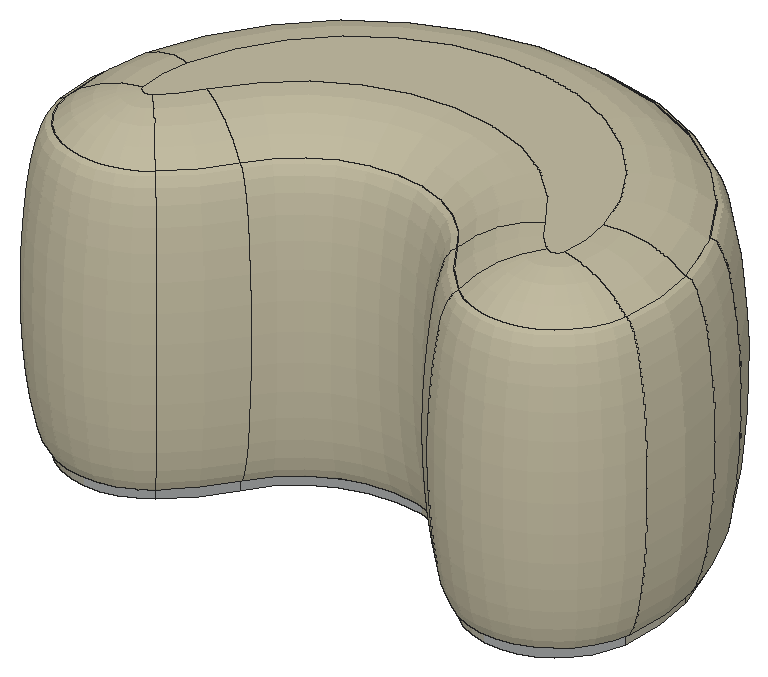
Revit family
Parameters
  URL = "http://www.martinbrattrud.com"
  SCS Certified Product = "Yes"
  Model = "Q-Bitz 3255-02K"
  Manufacturer = "Martin Brattrud, Inc."
  Leg [instance] = none
  Keynote = "125000"
  Foot [instance] = none
  Copyright = "© 2013 Martin Brattrud, Inc."
  Upholstery [instance] = none
  Authoring Version = "Revit Architecture 2010"
  Assembly Code = "E2020200"
Reference planes (in)
  plane 1 "Center Front/Back": y = 0
  plane 2: z = 0
  plane 3 "Center Left/Right": x = 0
Forms (in)
  Sweep 1, solid, material <- "Upholstery"
    path in 3D
      loop
        arc (15.27055, -0.26433, 18) -> (0, 8.9676, 18) -> (-15.27055, -0.26433, 18) r 17.24549
    profile origin (0, 8.9676, 18) x (0, 1, 0) y (0, 0, -1)
      loop
        spline (0, 0) -> (0.38823, 0.29389) -> (0.75, 1.15553) -> (1.06066, 2.5262) -> (1.29904, 4.3125) -> (1.44889, 6.39269) -> (1.5, 8.625) -> (1.44889, 10.85731) -> (1.29904, 12.9375) -> (1.06066, 14.7238) -> (0.75, 16.09447) -> (0.38823, 16.95611) -> (0, 17.25)
        line (0, 17.25) -> (0, 0)
  Revolve 2, solid, material <- "Foot"
    sketch origin (-14.52138, -9.34433, 0) x (0, 1, 0) y (0, 0, 1)
      loop
        line (-0.2498, 0) -> (0, 0) -> (0, 0.25) -> (-0.375, 0.25) -> (-0.375, 0.1252)
        arc (-0.375, 0.1252) -> (-0.33833, 0.03667) -> (-0.2498, 0) r 0.1252
      axis (0, 0.25) -> (0, 0)
    angle from 0 to 360
  Revolve 3, solid, material <- "Foot"
    sketch origin (14.225, -9.34433, 0) x (0, 1, 0) y (0, 0, -1)
      loop
        arc (-0.2498, 0) -> (-0.33833, -0.03667) -> (-0.375, -0.1252) r 0.1252
        line (-0.375, -0.1252) -> (-0.375, -0.25) -> (0, -0.25) -> (0, 0) -> (-0.2498, 0)
      axis (0, -0.25) -> (0, 0)
    angle from 0 to 360
  Revolve 4, solid, material <- "Foot"
    sketch origin (0, 7.57947, 0) x (0, 1, 0) y (0, 0, 1)
      loop
        line (-0.2498, 0) -> (0, 0) -> (0, 0.25) -> (-0.375, 0.25) -> (-0.375, 0.1252)
        arc (-0.375, 0.1252) -> (-0.33833, 0.03667) -> (-0.2498, 0) r 0.1252
      axis (0, 0.25) -> (0, 0)
    angle from 0 to 360
  Revolve 5, solid, material <- "Foot"
    sketch origin (0, -3.37948, 0) x (0, 1, 0) y (0, 0, 1)
      loop
        line (-0.2498, 0) -> (0, 0) -> (0, 0.25) -> (-0.375, 0.25) -> (-0.375, 0.1252)
        arc (-0.375, 0.1252) -> (-0.33833, 0.03667) -> (-0.2498, 0) r 0.1252
      axis (0, 0.25) -> (0, 0)
    angle from 0 to 360
  Revolve 6, solid, material <- "Foot"
    sketch origin (-11.21121, 3.28731, 0) x (0, 1, 0) y (0, 0, 1)
      loop
        line (-0.2498, 0) -> (0, 0) -> (0, 0.25) -> (-0.375, 0.25) -> (-0.375, 0.1252)
        arc (-0.375, 0.1252) -> (-0.33833, 0.03667) -> (-0.2498, 0) r 0.1252
      axis (0, 0.25) -> (0, 0)
    angle from 0 to 360
  Revolve 7, solid, material <- "Foot"
    sketch origin (11.21121, 3.28731, 0) x (0, 1, 0) y (0, 0, -1)
      loop
        arc (-0.2498, 0) -> (-0.33833, -0.03667) -> (-0.375, -0.1252) r 0.1252
        line (-0.375, -0.1252) -> (-0.375, -0.25) -> (0, -0.25) -> (0, 0) -> (-0.2498, 0)
      axis (0, -0.25) -> (0, 0)
    angle from 0 to 360
  Extrusion 8, solid, material <- "Upholstery"
    sketch origin (0, 0, 0) x (1, 0, 0) y (0, 1, 0)
      loop
        arc (-16.66324, -3.83452) -> (-17.05041, -6.26975) -> (-16.93166, -8.7327) r 12
        arc (-16.93166, -8.7327) -> (-13.88931, -12.47059) -> (-9.14468, -11.6243) r 4.75
        arc (-9.14468, -11.6243) -> (-7.72596, -10.18408) -> (-6.56915, -8.52614) r 12
        arc (-6.56915, -8.52614) -> (0, -4.73904) -> (6.56915, -8.52614) r 7.591
        arc (6.56915, -8.52614) -> (7.72596, -10.18408) -> (9.14468, -11.6243) r 12
        arc (9.14468, -11.6243) -> (13.88931, -12.47059) -> (16.93166, -8.7327) r 4.75
        arc (16.93166, -8.7327) -> (17.05041, -6.26975) -> (16.66324, -3.83452) r 12
        arc (16.66324, -3.83452) -> (0, 8.9676) -> (-16.66324, -3.83452) r 17.24549
    from 0.75 to 18
  Sweep 9, solid, material <- "Upholstery"
    path origin (0, 0, 0) x (1, 0, 0) y (0, 1, 0)
      loop
        arc (-15.27055, -0.26433) -> (-16.06637, -2.01062) -> (-16.66324, -3.83452) r 17.24549
        arc (-16.66324, -3.83452) -> (-17.05041, -6.26975) -> (-16.93166, -8.7327) r 12
        arc (-16.93166, -8.7327) -> (-13.88931, -12.47059) -> (-9.14468, -11.6243) r 4.75
        arc (-9.14468, -11.6243) -> (-7.72596, -10.18408) -> (-6.56915, -8.52614) r 12
        arc (-6.56915, -8.52614) -> (0, -4.73904) -> (6.56915, -8.52614) r 7.591
        arc (6.56915, -8.52614) -> (7.72596, -10.18408) -> (9.14468, -11.6243) r 12
        arc (9.14468, -11.6243) -> (13.88931, -12.47059) -> (16.93166, -8.7327) r 4.75
        arc (16.93166, -8.7327) -> (17.05041, -6.26975) -> (16.66324, -3.83452) r 12
        arc (16.66324, -3.83452) -> (16.06637, -2.01062) -> (15.27055, -0.26433) r 17.24549
    profile origin (0, -4.73904, 0) x (0, 1, 0) y (0, 0, 1)
      loop
        line (0, 0.75) -> (0, 18)
        spline (0, 18) -> (-0.38823, 17.70611) -> (-0.75, 16.84447) -> (-1.06066, 15.4738) -> (-1.29904, 13.6875) -> (-1.44889, 11.60731) -> (-1.5, 9.375) -> (-1.44889, 7.14269) -> (-1.29904, 5.0625) -> (-1.06066, 3.2762) -> (-0.75, 1.90553) -> (-0.38823, 1.04389) -> (0, 0.75)
  Extrusion 10, solid, material <- "Leg"
    sketch origin (0, 0, -2.75) x (1, 0, 0) y (0, 1, 0)
      loop
        arc (-16.66324, -3.83452) -> (-17.05041, -6.26975) -> (-16.93166, -8.7327) r 12
        arc (-16.93166, -8.7327) -> (-13.88931, -12.47059) -> (-9.14468, -11.6243) r 4.75
        arc (-9.14468, -11.6243) -> (-7.72596, -10.18408) -> (-6.56915, -8.52614) r 12
        arc (-6.56915, -8.52614) -> (0, -4.73904) -> (6.56915, -8.52614) r 7.591
        arc (6.56915, -8.52614) -> (7.72596, -10.18408) -> (9.14468, -11.6243) r 12
        arc (9.14468, -11.6243) -> (13.88931, -12.47059) -> (16.93166, -8.7327) r 4.75
        arc (16.93166, -8.7327) -> (17.05041, -6.26975) -> (16.66324, -3.83452) r 12
        arc (16.66324, -3.83452) -> (0, 8.9676) -> (-16.66324, -3.83452) r 17.24549
    from 3 to 3.5
  Sweep 11, solid, material <- "Upholstery"
    path in 3D
      loop
        arc (16.66324, -3.83452, 18) -> (17.05041, -6.26975, 18) -> (16.93166, -8.7327, 18) r 12
        arc (16.93166, -8.7327, 18) -> (13.88931, -12.47059, 18) -> (9.14468, -11.6243, 18) r 4.75
        arc (9.14468, -11.6243, 18) -> (7.72596, -10.18408, 18) -> (6.56915, -8.52614, 18) r 12
        arc (6.56915, -8.52614, 18) -> (0, -4.73904, 18) -> (-6.56915, -8.52614, 18) r 7.591
        arc (-6.56915, -8.52614, 18) -> (-7.72596, -10.18408, 18) -> (-9.14468, -11.6243, 18) r 12
        arc (-9.14468, -11.6243, 18) -> (-13.88931, -12.47059, 18) -> (-16.93166, -8.7327, 18) r 4.75
        arc (-16.93166, -8.7327, 18) -> (-17.05041, -6.26975, 18) -> (-16.66324, -3.83452, 18) r 12
        arc (-16.66324, -3.83452, 18) -> (0, 8.9676, 18) -> (16.66324, -3.83452, 18) r 17.24549
    profile origin (0, 8.9676, 18) x (0, 1, 0) y (0, 0, 1)
      loop
        arc (0, 0) -> (-1.9519, 1.29538) -> (-4.25, 1.75) r 6.03571
        line (-4.25, 1.75) -> (-4.25, 0) -> (0, 0)
  Extrusion 12, solid, material <- "Upholstery"
    sketch origin (0, 0, 0) x (1, 0, 0) y (0, 1, 0)
      loop
        arc (-12.55673, -4.92955) -> (-12.80678, -6.5023) -> (-12.73008, -8.09296) r 7.75
        arc (-12.73008, -8.09296) -> (-12.40984, -8.48642) -> (-11.9104, -8.39734) r 0.5
        arc (-11.9104, -8.39734) -> (-10.99415, -7.4672) -> (-10.24704, -6.39645) r 7.75
        arc (-10.24704, -6.39645) -> (0, -0.48904) -> (10.24704, -6.39645) r 11.841
        arc (10.24704, -6.39645) -> (10.99415, -7.4672) -> (11.9104, -8.39734) r 7.75
        arc (11.9104, -8.39734) -> (12.40984, -8.48642) -> (12.73008, -8.09296) r 0.5
        arc (12.73008, -8.09296) -> (12.80678, -6.5023) -> (12.55673, -4.92955) r 7.75
        arc (12.55673, -4.92955) -> (0, 4.7176) -> (-12.55673, -4.92955) r 12.99549
    from 19.75 to 18
Cuts and joins
  joined: Sweep 11, Extrusion 12
  joined: Extrusion 8, Sweep 9
Lines and regions (in)
  sketch lines
    curve 1: arc (15.27055, -0.26433, 18) -> (0, 8.9676, 18) -> (-15.27055, -0.26433, 18) r 17.24549
    curve 2: arc (-16.66324, -3.83452, 18) -> (0, 8.9676, 18) -> (16.66324, -3.83452, 18) r 17.24549
    curve 3: arc (-9.14468, -11.6243, 18) -> (-13.88931, -12.47059, 18) -> (-16.93166, -8.7327, 18) r 4.75
    curve 4: arc (-16.93166, -8.7327, 18) -> (-17.05041, -6.26975, 18) -> (-16.66324, -3.83452, 18) r 12
    curve 5: arc (-6.56915, -8.52614, 18) -> (-7.72596, -10.18408, 18) -> (-9.14468, -11.6243, 18) r 12
    curve 6: arc (6.56915, -8.52614, 18) -> (0, -4.73904, 18) -> (-6.56915, -8.52614, 18) r 7.591
    curve 7: arc (9.14468, -11.6243, 18) -> (7.72596, -10.18408, 18) -> (6.56915, -8.52614, 18) r 12
    curve 8: arc (16.93166, -8.7327, 18) -> (13.88931, -12.47059, 18) -> (9.14468, -11.6243, 18) r 4.75
    curve 9: arc (16.66324, -3.83452, 18) -> (17.05041, -6.26975, 18) -> (16.93166, -8.7327, 18) r 12
